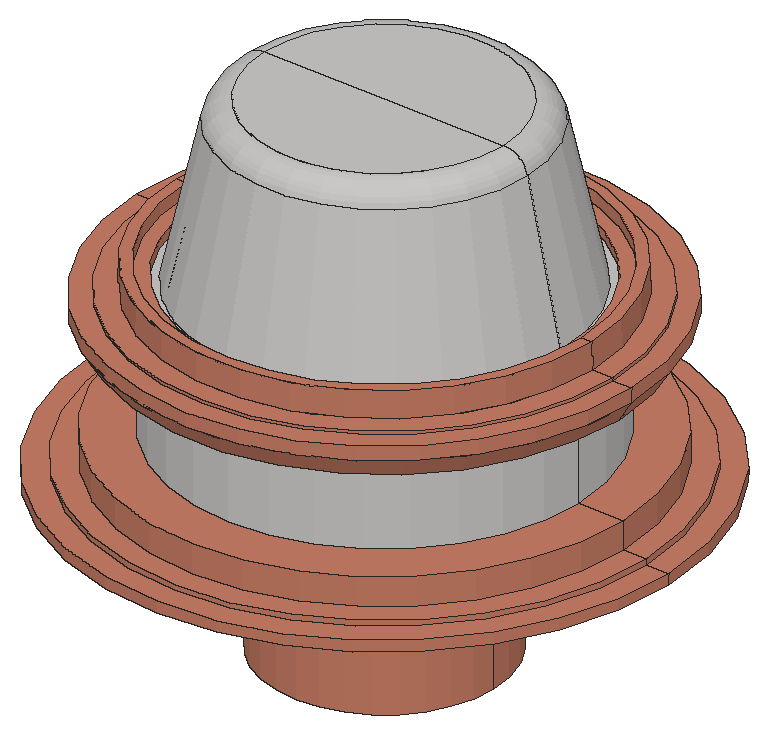
Revit family (continued)
Automatic sketch dimensions
  curve 129 to curve 50 = 8.94272"
  curve 50 to curve 50 = 0.83636"
  curve 161 to curve 162 = 0"
  curve 161 to curve 161 = 0.18521"
  curve 162 to curve 162 = 0.37043"
  curve 162 to curve 53 = 0.47362"
  curve 161 to curve 52 = 0.47362"
  curve 52 to curve 52 = 0.18521"
  curve 53 to curve 53 = 0.37043"
  curve 162 to curve 53 = 0.04157"
  curve 162 to curve 161 = 3.75887"
  curve 161 to curve 52 = 0.04157"
  curve 135 to plane 2 = 8.85444"
  curve 54 to plane 2 = 8.85444"
  curve 135 to curve 135 = 3.66464"
  curve 54 to curve 54 = 3.66464"
  curve 135 to curve 135 = 0.83636"
  curve 135 to curve 54 = 8.94272"
  curve 54 to curve 54 = 0.83636"
  curve 134 to plane 2 = 5.1898"
  curve 55 to plane 2 = 5.1898"
  curve 134 to curve 134 = 3.66464"
  curve 55 to curve 55 = 3.66464"
  curve 134 to curve 134 = 0.83636"
  curve 134 to curve 55 = 8.94272"
  curve 55 to curve 55 = 0.83636"
  curve 57 to curve 58 = 0"
  curve 57 to curve 57 = 0.18521"
  curve 58 to curve 58 = 0.37043"
  curve 58 to curve 57 = 3.75887"
  curve 140 to plane 2 = 8.85444"
  curve 59 to plane 2 = 8.85444"
  curve 140 to curve 140 = 3.66464"
  curve 59 to curve 59 = 3.66464"
  curve 140 to curve 140 = 0.83636"
  curve 140 to curve 59 = 8.94272"
  curve 59 to curve 59 = 0.83636"
  curve 139 to plane 2 = 5.1898"
  curve 60 to plane 2 = 5.1898"
  curve 139 to curve 139 = 3.66464"
  curve 60 to curve 60 = 3.66464"
  curve 139 to curve 139 = 0.83636"
  curve 139 to curve 60 = 8.94272"
  curve 60 to curve 60 = 0.83636"
  curve 62 to curve 63 = 0"
  curve 62 to curve 62 = 0.18521"
  curve 63 to curve 63 = 0.37043"
  curve 63 to curve 62 = 3.75887"
  curve 145 to plane 2 = 8.85444"
  curve 64 to plane 2 = 8.85444"
  curve 145 to curve 145 = 3.66464"
  curve 64 to curve 64 = 3.66464"
  curve 145 to curve 145 = 0.83636"
  curve 145 to curve 64 = 8.94272"
  curve 64 to curve 64 = 0.83636"
  curve 144 to plane 2 = 5.1898"
  curve 65 to plane 2 = 5.1898"
  curve 144 to curve 144 = 3.66464"
  curve 65 to curve 65 = 3.66464"
  curve 144 to curve 144 = 0.83636"
  curve 144 to curve 65 = 8.94272"
  curve 65 to curve 65 = 0.83636"
  curve 67 to curve 68 = 0"
  curve 67 to curve 67 = 0.18521"
  curve 68 to curve 68 = 0.37043"
  curve 68 to curve 67 = 3.75887"
  curve 150 to plane 2 = 8.85444"
  curve 69 to plane 2 = 8.85444"
  curve 150 to curve 150 = 3.66464"
  curve 69 to curve 69 = 3.66464"
  curve 150 to curve 150 = 0.83636"
  curve 150 to curve 69 = 8.94272"
  curve 69 to curve 69 = 0.83636"
  curve 149 to plane 2 = 5.1898"
  curve 70 to plane 2 = 5.1898"
  curve 149 to curve 149 = 3.66464"
  curve 70 to curve 70 = 3.66464"
  curve 149 to curve 149 = 0.83636"
  curve 149 to curve 70 = 8.94272"
  curve 70 to curve 70 = 0.83636"
  curve 72 to curve 73 = 0"
  curve 72 to curve 72 = 0.18521"
  curve 73 to curve 73 = 0.37043"
  curve 73 to curve 72 = 3.75887"
  curve 155 to plane 2 = 8.85444"
  curve 74 to plane 2 = 8.85444"
  curve 155 to curve 155 = 3.66464"
  curve 74 to curve 74 = 3.66464"
  curve 155 to curve 155 = 0.83636"
  curve 155 to curve 74 = 8.94272"
  curve 74 to curve 74 = 0.83636"
  curve 154 to plane 2 = 5.1898"
  curve 75 to plane 2 = 5.1898"
  curve 154 to curve 154 = 3.66464"
  curve 75 to curve 75 = 3.66464"
  curve 154 to curve 154 = 0.83636"
  curve 154 to curve 75 = 8.94272"
  curve 75 to curve 75 = 0.83636"
  curve 77 to curve 78 = 0"
  curve 77 to curve 77 = 0.18521"
  curve 78 to curve 78 = 0.37043"
  curve 78 to curve 77 = 3.75887"
  curve 82 to curve 83 = 0"
  curve 82 to curve 82 = 0.18521"
  curve 83 to curve 83 = 0.37043"
  curve 83 to curve 82 = 3.75887"
  curve 87 to plane 4 = 0"
  curve 87 to curve 87 = 0.18521"
  curve 88 to plane 4 = 0.18521"
  plane 4 to curve 88 = 0.18521"
  curve 88 to curve 87 = 3.75887"
  curve 92 to curve 93 = 0"
  curve 92 to curve 92 = 0.18521"
  curve 93 to curve 93 = 0.37043"
  curve 93 to curve 92 = 3.75887"
  curve 97 to curve 98 = 0"
  curve 97 to curve 97 = 0.18521"
  curve 98 to curve 98 = 0.37043"
  curve 98 to curve 97 = 3.75887"
  curve 102 to curve 103 = 0"
  curve 102 to curve 102 = 0.18521"
  curve 103 to curve 103 = 0.37043"
  curve 103 to curve 102 = 3.75887"
  curve 107 to curve 108 = 0"
  curve 107 to curve 107 = 0.18521"
  curve 108 to curve 108 = 0.37043"
  curve 108 to curve 107 = 3.75887"
  curve 112 to curve 113 = 0"
  curve 112 to curve 112 = 0.18521"
  curve 113 to curve 113 = 0.37043"
  curve 113 to curve 112 = 3.75887"
  curve 117 to curve 118 = 0"
  curve 117 to curve 117 = 0.18521"
  curve 118 to curve 118 = 0.37043"
  curve 118 to curve 117 = 3.75887"
  curve 122 to curve 123 = 0"
  curve 122 to curve 122 = 0.18521"
  curve 123 to curve 123 = 0.37043"
  curve 123 to curve 122 = 3.75887"
  curve 127 to plane 3 = 0"
  curve 127 to curve 127 = 0.18521"
  plane 3 to curve 128 = 0.18521"
  curve 128 to plane 3 = 0.18521"
  curve 128 to curve 127 = 3.75887"
  curve 132 to curve 133 = 0"
  curve 132 to curve 132 = 0.18521"
  curve 133 to curve 133 = 0.37043"
  curve 133 to curve 132 = 3.75887"
  curve 137 to curve 138 = 0"
  curve 137 to curve 137 = 0.18521"
  curve 138 to curve 138 = 0.37043"
  curve 138 to curve 137 = 3.75887"
  curve 142 to curve 143 = 0"
  curve 142 to curve 142 = 0.18521"
  curve 143 to curve 143 = 0.37043"
  curve 143 to curve 142 = 3.75887"
  curve 147 to curve 148 = 0"
  curve 147 to curve 147 = 0.18521"
  curve 148 to curve 148 = 0.37043"
  curve 148 to curve 147 = 3.75887"
  curve 152 to curve 153 = 0"
  curve 152 to curve 152 = 0.18521"
  curve 153 to curve 153 = 0.37043"
  curve 153 to curve 152 = 3.75887"
  curve 157 to curve 158 = 0"
  curve 157 to curve 157 = 0.18521"
  curve 158 to curve 158 = 0.37043"
  curve 158 to curve 157 = 3.75887"
  curve 159 to plane 2 = 8.81391"
  curve 159 to curve 159 = 3.66464"
  curve 159 to curve 159 = 0.83636"
  curve 160 to plane 2 = 5.14927"
  curve 160 to curve 160 = 3.66464"
  curve 160 to curve 160 = 0.83636"
Connectors (in)
  piping at (0, 0, -4.70197), driven by "Outlet Radius"
    settings: on cut or joined group of Revolve 1, Extrusion 4, Revolve 5, index 1
Types (6): name | Weight (lb) | Outlet Radius | Outlet Diameter | Dome Free Area
  (no name) | 51.78 | 3" | 6" | "6\""
  1015-02 | 53.43 | 1" | 2" | "2\""
  1015-03 | 52.86 | 1 1/2" | 3" | "3\""
  1015-04 | 51.48 | 2" | 4" | "4\""
  1015-05 | 53.36 | 2 1/2" | 5" | "5\""
  1015-06 | 51.78 | 3" | 6" | "6\""
